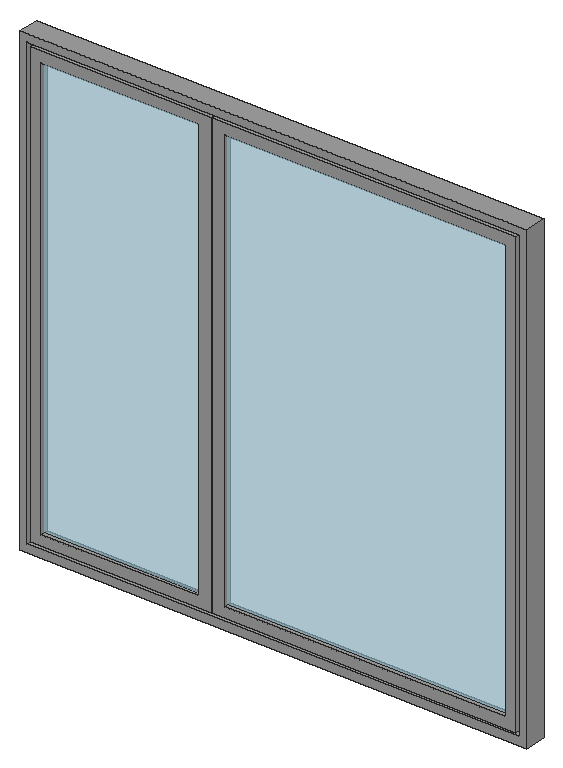
Revit family
Parameters (values of type "24 X 22")
  Assembly Code = ""
  Cost = 120000
  Top Rail = 50 mm
  Stile = 50 mm
  Shutter = 합성수지
  Panel = Glass (2)
  Height = 2210 mm
  Frame Width = 50 mm
  Frame Depth = 100 mm
  Frame = 합성수지
  Default Sill Height = 0 mm
  Wall Closure = (empty or 0)
  Width = 2410 mm
  Bottom Rail = 50 mm
Types (2, lengths in mm): name | Cost | Width
  24 X 22 | 120000 | 2410
  20 X 22 | 500000 | 2010
Reference planes
  plane 1: y = 5
  plane 2 "Center (Left/Right)": x = 0
  plane 3 "Left": x = -1205
  plane 4 "Right": x = 1205
  plane 5 "Sill": z = 0
  plane 6 "Head": z = 2210
  plane 7 "Exterior": y = 80
  plane 8 "Interior": y = -70
  plane 9: x = -1155
  plane 10: x = 1155
  plane 11: y = 55
  plane 12: y = -45
  plane 13: z = 2160
  plane 14: z = 50
  plane 15: x = -1105
  plane 16: x = 1105
  plane 17: z = 2110
  plane 18: z = 100
  plane 19: x = -50
  plane 20: x = 50
  plane 21: z = 1105
Forms (mm)
  Sweep 1, solid, material "합성수지" <- "Frame"
    path origin (0, 5.744, -44.994) x (1, 0, 0) y (0, 0, 1)
      loop
        line (-1050, 200) -> (1050, 200) -> (1050, 2100) -> (-1050, 2100) -> (-1050, 200)
    profile origin (0, 0, 1105.006) x (-1, 0, 0) y (0, -1, 0)
      loop
        line (1205, 44.256) -> (1170, 44.256) -> (1170, 9.256) -> (1155, 9.256) -> (1155, -55.744) -> (1205, -55.744) -> (1205, 44.256)
  Extrusion 2, solid, material "합성수지" <- "Shutter"
    sketch origin (0, -45, 0) x (1, 0, 0) y (0, 0, 1)
      loop
        line (-294.277, 50.006) -> (-294.277, 2160.006) -> (-1155, 2160.006) -> (-1155, 50.006) -> (-294.277, 50.006)
      loop
        line (-1105, 2110) -> (-1105, 100) -> (-355.57, 100) -> (-355.57, 2110) -> (-1105, 2110)
    from 0 to -35
  Extrusion 3, solid, material "Glass (2)" <- "Panel"
    sketch origin (0, 0, 100) x (0, -1, 0) y (-1, 0, 0)
      loop
        line (25.5, 355.57) -> (29.5, 355.57) -> (29.5, 1105) -> (25.5, 1105) -> (25.5, 355.57)
      loop
        line (25.5, 232.396) -> (25.5, -1105) -> (29.5, -1105) -> (29.5, 232.396) -> (25.5, 232.396)
    from 0 to -2010
  Extrusion 4, solid, material "합성수지" <- "Shutter"
    sketch origin (0, -45, 0) x (-1, 0, 0) y (0, 0, -1)
      loop
        line (294.277, -50.006) -> (-1155, -50.006) -> (-1155, -2160.006) -> (294.277, -2160.006) -> (294.277, -50.006)
      loop
        line (-1105, -2110) -> (232.396, -2110) -> (232.396, -100) -> (-1105, -100) -> (-1105, -2110)
    from 0 to -35
Lines and regions (mm)
  Opening 1
    outline origin (3500, -70, 0) x (1, 0, 0) y (0, 0, 1)
      loop
        line (-2295, 0) -> (-2295, 2210) -> (-4705, 2210) -> (-4705, 0) -> (-2295, 0)
  symbolic lines, style "WindowsFrameMullionProjection", detail levels medium+fine
    curve 1: line (-1205, 55.744, 0) -> (-1155, 55.744, 0)
    curve 2: line (-1155, 55.744, 0) -> (-1155, -15, 0)
    curve 3: line (-1170, -15, 0) -> (-1155, -15, 0)
    curve 4: line (-1170, -15, 0) -> (-1170, -45, 0)
    curve 5: line (-1205, -45, 0) -> (-1170, -45, 0)
    curve 6: line (1205, 55.744, 0) -> (1155, 55.744, 0)
    curve 7: line (1155, 55.744, 0) -> (1155, -14.256, 0)
    curve 8: line (1155, -9.256, 0) -> (1170, -9.256, 0)
    curve 9: line (1170, -9.256, 0) -> (1170, -44.256, 0)
    curve 10: line (1170, -44.256, 0) -> (1205, -44.256, 0)
    curve 11: line (1205, -44.256, 0) -> (1205, 55.744, 0)
    curve 13: line (-1205, 55.744, 0) -> (-1205, -45, 0)
  symbolic lines, style "Plan Swing"
    curve 12: line (-1170, -45, 0) -> (1170, -44.256, 0)
  symbolic lines, style "WindowsFrameMullionProjection", detail levels coarse
    curve 14: line (-1170, -45, 0) -> (-1205, -45, 0)
    curve 15: line (-1170, 55.744, 0) -> (-1170, -45, 0)
    curve 16: line (-1205, 55.744, 0) -> (-1170, 55.744, 0)
    curve 17: line (-1205, -45, 0) -> (-1205, 55.744, 0)
    curve 18: line (1170, -44.256, 0) -> (1205, -44.256, 0)
    curve 19: line (1170, 55.744, 0) -> (1170, -44.256, 0)
    curve 20: line (1205, 55.744, 0) -> (1170, 55.744, 0)
    curve 21: line (1205, -44.256, 0) -> (1205, 55.744, 0)
  symbolic lines, style "Elevation Swing Coarse", detail levels coarse
    curve 22: line (1155, 0, 1105) -> (0, 0, 1505)
    curve 23: line (1155, 0, 1105) -> (0, 0, 595)
    curve 24: line (0, 0, 1505) -> (-1155, 0, 1105)
    curve 25: line (0, 0, 595) -> (-1155, 0, 1105)
  symbolic lines, style "Plan Swing", detail levels coarse
    curve 26: line (-1170, -9.256, 0) -> (1170, -9.256, 0)
  symbolic lines, style "Elevation Swing Medium", detail levels medium
    curve 27: line (1155, 0, 1105) -> (0, 0, 1505)
    curve 28: line (1155, 0, 1105) -> (0, 0, 595)
    curve 29: line (0, 0, 1505) -> (-1155, 0, 1105)
    curve 30: line (0, 0, 595) -> (-1155, 0, 1105)
  symbolic lines, style "Elevation Swing Fine", detail levels fine
    curve 31: line (1155, 0, 1105) -> (0, 0, 1505)
    curve 32: line (1155, 0, 1105) -> (0, 0, 595)
    curve 33: line (0, 0, 1505) -> (-1155, 0, 1105)
    curve 34: line (0, 0, 595) -> (-1155, 0, 1105)
Text (mm)
  text "EXTERIOR" at (-1963.203, 1332.353, 0), in view "Ref. Level"
  text "INTERIOR" at (-1981.466, -818.386, 0), in view "Ref. Level"
  text "Exterior" at (0, 923.751, 2943.296), in view "Right"
  text "Exterior" at (0, 1040.484, 2685.409), in view "Left"
Dimensions and locks
  equal spacing: plane 3 "Left", plane 2 "Center (Left/Right)", plane 4 "Right"
  "Width": plane 3 "Left" to plane 4 "Right"
  "Height": plane 5 "Sill" to plane 6 "Head"
  "Default Sill Height": plane 5 "Sill" to level
  locked: plane 7 "Exterior" to host wall at 0
  locked: plane 8 "Interior" to host wall
  locked: Sweep 1 sketch curve to Sweep 1 sketch curve at 15
  locked: Sweep 1 sketch curve to Sweep 1 sketch curve at 35
  "Frame Width": plane 3 "Left" to plane 9
  "Frame Width": plane 10 to plane 4 "Right"
  equal spacing: plane 12, plane 1, plane 11
  "Frame Depth": plane 12 to plane 11
  "Frame Width": plane 6 "Head" to plane 13
  "Frame Width": plane 14 to plane 5 "Sill"
  "Stile": plane 15 to plane 9
  "Stile": plane 10 to plane 16
  "Stile": plane 2 "Center (Left/Right)" to plane 19
  "Stile": plane 20 to plane 2 "Center (Left/Right)"
  "Top Rail": plane 13 to plane 17
  "Bottom Rail": plane 18 to plane 14
  equal spacing: plane 6 "Head", plane 21, plane 5 "Sill"
  equal spacing: plane 8 "Interior", plane 1, plane 7 "Exterior"
  aligned and locked: Sweep 1 sketch curve to plane 3 "Left"
  aligned and locked: plane 9 to Sweep 1 sketch curve
  aligned and locked: plane 15 to Extrusion 2 sketch curve
  aligned and locked: plane 17 to Extrusion 2 sketch curve
  aligned and locked: plane 18 to Extrusion 2 sketch curve
  aligned and locked: curve 1 to Sweep 1  (x2)
  aligned and locked: curve 2 to Sweep 1
  aligned and locked: curve 3 to Sweep 1
  aligned and locked: Sweep 1 to curve 5
  aligned and locked: Sweep 1 to curve 6
  aligned and locked: curve 7 to Sweep 1
  aligned and locked: curve 7 to curve 8
  aligned and locked: Sweep 1 to curve 8
  aligned and locked: Sweep 1 to curve 9
  aligned and locked: curve 13 to curve 1
  aligned and locked: curve 13 to curve 5
  aligned and locked: plane 3 "Left" to curve 13
  aligned and locked: curve 21 to Sweep 1  (x2)
  aligned and locked: curve 26 to Sweep 1
  aligned: Extrusion 4 to Sweep 1
Automatic sketch dimensions
  plane 10 to curve 8 = 15 mm
  curve 3 to curve 26 = 5.744 mm
  curve 7 to curve 8 = 5 mm
  curve 29 to plane 2 "Center (Left/Right)" = 0 mm
  curve 24 to plane 9 = 0 mm
  curve 24 to plane 21 = 0 mm
  curve 27 to plane 10 = 0 mm
  curve 27 to plane 21 = 0 mm
  curve 32 to plane 2 "Center (Left/Right)" = 0 mm
  curve 33 to plane 21 = 400 mm
  plane 21 to curve 32 = 510 mm
  Opening 1 sketch curve to level = 0 mm
  Opening 1 sketch curve to plane 3 "Left" = 0 mm
  Opening 1 sketch curve to plane 4 "Right" = 0 mm
  Opening 1 sketch curve to plane 6 "Head" = 0 mm
  plane 15 to Sweep 1 sketch curve = 55 mm
  Sweep 1 sketch curve to plane 16 = 55 mm
  Sweep 1 sketch curve to plane 18 = 55.006 mm
  plane 17 to Sweep 1 sketch curve = 54.994 mm
  Sweep 1 sketch curve to Sweep 1 sketch curve = 65 mm
  Extrusion 2 sketch curve to plane 2 "Center (Left/Right)" = 294.277 mm
  Extrusion 2 sketch curve to plane 9 = 0 mm
  Extrusion 2 sketch curve to plane 14 = 0.006 mm
  Extrusion 2 sketch curve to plane 13 = 0.006 mm
  Extrusion 3 sketch curve to plane 19 = 305.57 mm
  Extrusion 3 sketch curve to plane 20 = 282.396 mm
  Extrusion 3 sketch curve to plane 16 = 0 mm
  Extrusion 3 sketch curve to plane 12 = 19.5 mm  (x2)
  Extrusion 3 sketch curve to Extrusion 3 sketch curve = 4 mm  (x2)
  Extrusion 4 sketch curve to plane 16 = 0 mm
  Extrusion 4 sketch curve to plane 17 = 0 mm
  Extrusion 4 sketch curve to plane 20 = 282.396 mm
  Extrusion 4 sketch curve to plane 2 "Center (Left/Right)" = 294.277 mm
  Extrusion 4 sketch curve to plane 18 = 0 mm
  plane 10 to Extrusion 4 sketch curve = 0 mm
  Extrusion 4 sketch curve to plane 13 = 0.006 mm
  Extrusion 4 sketch curve to plane 14 = 0.006 mm
  curve 12 to plane 12 = 0 mm
  Extrusion 2 sketch curve to plane 19 = 305.57 mm
